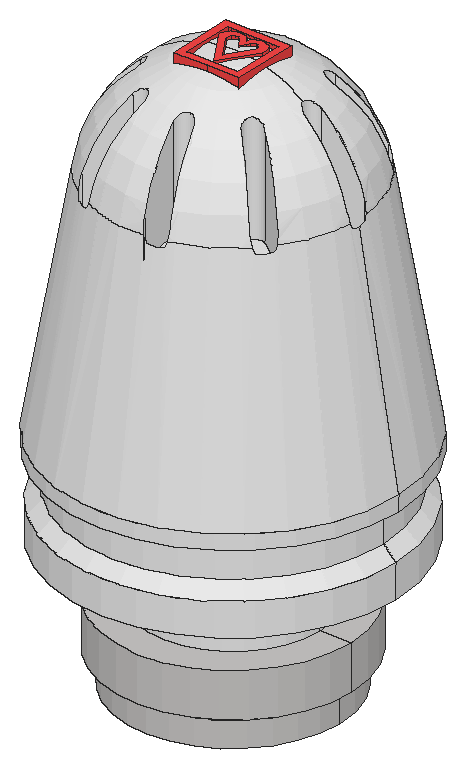
Revit family "Термостатическая головка HERZ-Design-MINI GS, с присоединительной резьбой М 28х1.5, 9200 03", category Rohrzubehör, Revit 2020
Family settings
  Bemaßung runder Anschluss = Durchmesser verwenden
  Teiletyp = Normal
  OmniClass-Nummer = 23.65.55.14
  OmniClass-Titel = Valves for Liquid Services
  Arbeitsebenenbasiert = Nein
  Immer vertikal = Nein
  Beim Laden mit Abzugskörper schneiden = Nein
  Gemeinsam genutzt = Nein
Parameters
  Принцип действия = "HERZ-термостатическая головка является датчиком прямого регулирования.\r\nИзменение объема жидкости в HERZ-гидросенсоре приводит в движение шток клапана."
  Область применения = "Для монтажа на всех HERZ-клапанах, предназначенных для термостатической работы."
  Номер заказа = 1920003  # constant formula
  Морозозащита = 6 °C  # constant formula
  Маховик = "Пластик, белый"  # constant formula
  Диапазон регулирования с морозозащитой = "6-30°C"  # constant formula
  Диапазон регулирования = "0-30°C"  # constant formula
  Vorgabe-Ansicht = 0 mm
  URL = "www.herz-armaturen.ru"
  S02 = 60 mm  # constant formula
  S01 = 73 mm  # constant formula
  Позиция теплового запирания "0" = "Термостатическая головка с жидкостным датчиком (гидросенсором) с позициями теплового запираниия \"0\" и морозозащиты, с ограничением и блокировкой диапазона регулирования."
  Hersteller = "HERZ Armaturen Ges.m.b.H."  # constant formula
  Позиция морозозащиты * = "Термостатическая головка с жидкостным датчиком (гидросенсором) с позицией морозозащиты и ограничением, блокировкой диапазона регулирования."
Reference planes
  plane 1 "Mitte (Vorne/hinten)": y = 0
  plane 2: z = 0
  plane 3 "Mitte (Links/rechts)": x = 0
Forms (mm)
  Revolve 1, solid, material "Kunststoff weiß", detail levels fine
    sketch origin (0, 0, 0) x (1, 0, 0) y (0, 0, 1)
      loop
        line (0, 0) -> (0, 73)
        arc (0, 73) -> (-11.397, 68.78) -> (-17.297, 58.156) r 17.5
        arc (-17.297, 58.156) -> (-20.011, 42.065) -> (-22.88, 26) r 1681.293
        line (-22.88, 26) -> (-22.88, 24) -> (-20.75, 24) -> (-20.75, 19.25) -> (-22.5, 17.5) -> (-22.5, 13) -> (-12.8, 13)
        arc (-12.8, 13) -> (-12.234, 12.766) -> (-12, 12.2) r 0.8
        line (-12, 12.2) -> (-12, 4.8) -> (-13.2, 4.8) -> (-13.2, 0) -> (0, 0)
      axis (0, 73) -> (0, 0)
    angle from 0 to 360
  Revolve 2, solid, material "Messing verzinkt", detail levels fine
    sketch origin (0, 0, 0) x (1, 0, 0) y (0, 0, 1)
      loop
        line (0, 0) -> (0, 5.5) -> (-16.35, 5.5) -> (-16.35, -0.576) -> (-14.75, -1.5) -> (-14.75, -5) -> (-13.35, -5) -> (-13.35, 0) -> (0, 0)
      axis (0, 5.5) -> (0, -5)
    angle from 0 to 360
  Extrusion 3, void
    sketch origin (0, 0, 0) x (1, 0, 0) y (0, 1, 0)
      loop
        arc (11.027, 1.298) -> (9.8, 0) -> (11.027, -1.298) r 1.3
        line (11.027, -1.298) -> (16.77, -1.62)
        arc (16.77, -1.62) -> (17.178, -1.485) -> (17.384, -1.107) r 0.586
        arc (17.384, -1.107) -> (17.453, 0.011) -> (17.382, 1.129) r 9
        arc (17.382, 1.129) -> (17.183, 1.492) -> (16.79, 1.621) r 0.564
        line (16.79, 1.621) -> (11.027, 1.298)
      loop
        line (9.282, 6.094) -> (13.904, 9.55)
        arc (13.904, 9.55) -> (14.121, 9.902) -> (14.04, 10.308) r 0.564
        arc (14.04, 10.308) -> (13.376, 11.21) -> (12.605, 12.023) r 9
        arc (12.605, 12.023) -> (12.205, 12.18) -> (11.805, 12.021) r 0.586
        line (11.805, 12.021) -> (7.613, 8.082)
        arc (7.613, 8.082) -> (7.507, 6.299) -> (9.282, 6.094) r 1.3
      loop
        arc (0.637, 11.085) -> (1.702, 9.651) -> (3.193, 10.634) r 1.3
        line (3.193, 10.634) -> (4.508, 16.234)
        arc (4.508, 16.234) -> (4.445, 16.659) -> (4.109, 16.928) r 0.586
        arc (4.109, 16.928) -> (3.02, 17.189) -> (1.907, 17.313) r 9
        arc (1.907, 17.313) -> (1.515, 17.181) -> (1.319, 16.816) r 0.564
        line (1.319, 16.816) -> (0.637, 11.085)
      loop
        line (-4.39, 10.199) -> (-6.991, 15.351)
        arc (-6.991, 15.351) -> (-7.3, 15.626) -> (-7.713, 15.617) r 0.564
        arc (-7.713, 15.617) -> (-8.717, 15.12) -> (-9.651, 14.501) r 9
        arc (-9.651, 14.501) -> (-9.875, 14.134) -> (-9.788, 13.713) r 0.586
        line (-9.788, 13.713) -> (-6.638, 8.901)
        arc (-6.638, 8.901) -> (-4.9, 8.487) -> (-4.39, 10.199) r 1.3
      loop
        arc (-10.806, 2.552) -> (-9.209, 3.352) -> (-9.918, 4.991) r 1.3
        line (-9.918, 4.991) -> (-15.204, 7.258)
        arc (-15.204, 7.258) -> (-15.634, 7.271) -> (-15.957, 6.986) r 0.586
        arc (-15.957, 6.986) -> (-16.404, 5.959) -> (-16.719, 4.884) r 9
        arc (-16.719, 4.884) -> (-16.657, 4.475) -> (-16.332, 4.219) r 0.564
        line (-16.332, 4.219) -> (-10.806, 2.552)
      loop
        line (-10.806, -2.552) -> (-16.332, -4.219)
        arc (-16.332, -4.219) -> (-16.657, -4.475) -> (-16.719, -4.884) r 0.564
        arc (-16.719, -4.884) -> (-16.404, -5.959) -> (-15.957, -6.986) r 9
        arc (-15.957, -6.986) -> (-15.634, -7.271) -> (-15.204, -7.258) r 0.586
        line (-15.204, -7.258) -> (-9.918, -4.991)
        arc (-9.918, -4.991) -> (-9.209, -3.352) -> (-10.806, -2.552) r 1.3
      loop
        arc (9.282, -6.094) -> (7.507, -6.299) -> (7.613, -8.082) r 1.3
        line (7.613, -8.082) -> (11.805, -12.021)
        arc (11.805, -12.021) -> (12.205, -12.18) -> (12.605, -12.023) r 0.586
        arc (12.605, -12.023) -> (13.376, -11.21) -> (14.04, -10.308) r 9
        arc (14.04, -10.308) -> (14.121, -9.902) -> (13.904, -9.55) r 0.564
        line (13.904, -9.55) -> (9.282, -6.094)
      loop
        line (0.637, -11.085) -> (1.319, -16.816)
        arc (1.319, -16.816) -> (1.515, -17.181) -> (1.907, -17.313) r 0.564
        arc (1.907, -17.313) -> (3.02, -17.189) -> (4.109, -16.928) r 9
        arc (4.109, -16.928) -> (4.445, -16.659) -> (4.508, -16.234) r 0.586
        line (4.508, -16.234) -> (3.193, -10.634)
        arc (3.193, -10.634) -> (1.702, -9.651) -> (0.637, -11.085) r 1.3
      loop
        arc (-4.39, -10.199) -> (-4.9, -8.487) -> (-6.638, -8.901) r 1.3
        line (-6.638, -8.901) -> (-9.788, -13.713)
        arc (-9.788, -13.713) -> (-9.875, -14.134) -> (-9.651, -14.501) r 0.586
        arc (-9.651, -14.501) -> (-8.717, -15.12) -> (-7.713, -15.617) r 9
        arc (-7.713, -15.617) -> (-7.3, -15.626) -> (-6.991, -15.351) r 0.564
        line (-6.991, -15.351) -> (-4.39, -10.199)
    from 55 to 73
Cuts and joins
  Extrusion 3 cuts Revolve 1
Lines and regions (mm)
  model lines, detail levels coarse+medium
    curve 1: line (0, 0, 0) -> (0, 0, 13)
    curve 2: line (0, -0.017, 0) -> (0, 13, 0)
    curve 3: circle (0, 0, 43) r 30 normal (0, -1, 0)
    curve 4: circle (0, 0, 43) r 30 normal (1, 0, 0)
    curve 5: line (0, 0, 23) -> (0, 0, 63)
    curve 6: line (0, -17.5, 63) -> (0, 17.5, 63)
    curve 7: line (0, 0, 23) -> (0, 0, 63)
    curve 8: line (-17.5, 0, 63) -> (17.5, 0, 63)
    curve 9: circle (0, 43, 0) r 30 normal (0, 0, 1)
    curve 10: line (0, 23, 0) -> (0, 63, 0)
    curve 11: line (-17.5, 63, 0) -> (17.5, 63, 0)
Dimensions and locks
  "S01": curve 4 to plane 2
  "S01": curve 3 to plane 2
  "S01": plane 1 "Mitte (Vorne/hinten)" to curve 9
  "S02": diameter of curve 3
  "S02": diameter of curve 4
  "S02": diameter of curve 9
  aligned and locked: level to plane 2
Automatic sketch dimensions
  Revolve 1 sketch curve to level = 0 mm
  Revolve 1 sketch curve to plane 3 "Mitte (Links/rechts)" = 0 mm  (x2)
  Revolve 1 sketch curve to plane 3 "Mitte (Links/rechts)" = 12 mm
  Revolve 1 sketch curve to Revolve 1 sketch curve = 0.8 mm
  Revolve 1 sketch curve to Revolve 1 sketch curve = 1.2 mm
  Revolve 1 sketch curve to Revolve 1 sketch curve = 7.95 mm
  Revolve 1 sketch curve to Revolve 1 sketch curve = 1.75 mm  (x2)
  Revolve 1 sketch curve to Revolve 1 sketch curve = 2.13 mm
  level to Revolve 1 sketch curve = 329.658 mm
  Revolve 1 sketch curve to plane 3 "Mitte (Links/rechts)" = 1676.524 mm
  level to Revolve 1 sketch curve = 4.8 mm
  Revolve 1 sketch curve to Revolve 1 sketch curve = 7.4 mm
  Revolve 1 sketch curve to Revolve 1 sketch curve = 4.5 mm
  Revolve 1 sketch curve to Revolve 1 sketch curve = 4.75 mm
  Revolve 1 sketch curve to Revolve 1 sketch curve = 2 mm
  Revolve 1 sketch curve to Revolve 1 sketch curve = 29.5 mm
  Revolve 1 sketch curve to Revolve 1 sketch curve = 17.5 mm
  Revolve 1 sketch curve to level = 366.045 mm
  Revolve 1 sketch curve to Revolve 1 sketch curve = 2141.315 mm
  Revolve 2 sketch curve to level = 0 mm
  Revolve 2 sketch curve to plane 3 "Mitte (Links/rechts)" = 0 mm  (x2)
  Revolve 2 sketch curve to level = 5 mm
  Revolve 2 sketch curve to plane 3 "Mitte (Links/rechts)" = 13.35 mm
  Revolve 2 sketch curve to Revolve 2 sketch curve = 1.4 mm
  Revolve 2 sketch curve to level = 0.576 mm
  Revolve 2 sketch curve to Revolve 2 sketch curve = 1.6 mm
  Revolve 2 sketch curve to level = 1.5 mm
  level to Revolve 2 sketch curve = 5.5 mm
  Revolve 2 sketch curve to Revolve 2 sketch curve = 361.045 mm
  Revolve 2 sketch curve to Revolve 2 sketch curve = 2208.815 mm
  plane 1 "Mitte (Vorne/hinten)" to Extrusion 3 sketch curve = 0 mm  (x2)
  Extrusion 3 sketch curve to plane 1 "Mitte (Vorne/hinten)" = 4.219 mm
  Extrusion 3 sketch curve to plane 3 "Mitte (Links/rechts)" = 16.332 mm
  plane 1 "Mitte (Vorne/hinten)" to Extrusion 3 sketch curve = 4.219 mm
  Extrusion 3 sketch curve to Extrusion 3 sketch curve = 0 mm  (x11)
  Extrusion 3 sketch curve to Extrusion 3 sketch curve = 0.163 mm  (x2)
  Extrusion 3 sketch curve to Extrusion 3 sketch curve = 0.734 mm  (x2)
  plane 1 "Mitte (Vorne/hinten)" to Extrusion 3 sketch curve = 7.258 mm
  Extrusion 3 sketch curve to Extrusion 3 sketch curve = 0.231 mm  (x2)
  Extrusion 3 sketch curve to plane 1 "Mitte (Vorne/hinten)" = 7.258 mm
  plane 1 "Mitte (Vorne/hinten)" to Extrusion 3 sketch curve = 2.552 mm
  Extrusion 3 sketch curve to Extrusion 3 sketch curve = 5.526 mm
  Extrusion 3 sketch curve to plane 1 "Mitte (Vorne/hinten)" = 2.552 mm
  Extrusion 3 sketch curve to Extrusion 3 sketch curve = 0.375 mm  (x2)
  Extrusion 3 sketch curve to Extrusion 3 sketch curve = 0.512 mm  (x2)
  Extrusion 3 sketch curve to Extrusion 3 sketch curve = 5.416 mm  (x2)
  Extrusion 3 sketch curve to Extrusion 3 sketch curve = 0.49 mm  (x2)
  Extrusion 3 sketch curve to Extrusion 3 sketch curve = 2.488 mm  (x2)
  Extrusion 3 sketch curve to Extrusion 3 sketch curve = 1.803 mm  (x2)
  Extrusion 3 sketch curve to Extrusion 3 sketch curve = 0.504 mm  (x2)
  Extrusion 3 sketch curve to Extrusion 3 sketch curve = 3.281 mm  (x2)
  Extrusion 3 sketch curve to Extrusion 3 sketch curve = 1.088 mm  (x2)
  Extrusion 3 sketch curve to Extrusion 3 sketch curve = 1.16 mm  (x2)
  Extrusion 3 sketch curve to Extrusion 3 sketch curve = 1.324 mm  (x2)
  plane 3 "Mitte (Links/rechts)" to Extrusion 3 sketch curve = 0.637 mm  (x2)
  plane 3 "Mitte (Links/rechts)" to Extrusion 3 sketch curve = 1.319 mm  (x2)
  plane 3 "Mitte (Links/rechts)" to Extrusion 3 sketch curve = 1.468 mm  (x2)
  Extrusion 3 sketch curve to Extrusion 3 sketch curve = 0.561 mm  (x2)
  Extrusion 3 sketch curve to Extrusion 3 sketch curve = 1.291 mm  (x2)
  Extrusion 3 sketch curve to Extrusion 3 sketch curve = 1.266 mm  (x2)
  Extrusion 3 sketch curve to Extrusion 3 sketch curve = 2.058 mm  (x2)
  Extrusion 3 sketch curve to Extrusion 3 sketch curve = 0.57 mm  (x2)
  Extrusion 3 sketch curve to Extrusion 3 sketch curve = 5.007 mm  (x2)
  Extrusion 3 sketch curve to Extrusion 3 sketch curve = 1.138 mm  (x2)
  Extrusion 3 sketch curve to Extrusion 3 sketch curve = 1.978 mm
  Extrusion 3 sketch curve to Extrusion 3 sketch curve = 0.89 mm  (x2)
  Extrusion 3 sketch curve to Extrusion 3 sketch curve = 0.779 mm  (x2)
  plane 1 "Mitte (Vorne/hinten)" to Extrusion 3 sketch curve = 1.298 mm
  Extrusion 3 sketch curve to Extrusion 3 sketch curve = 2.575 mm
  Extrusion 3 sketch curve to Extrusion 3 sketch curve = 0.073 mm
  Extrusion 3 sketch curve to Extrusion 3 sketch curve = 4.192 mm  (x2)
  Extrusion 3 sketch curve to Extrusion 3 sketch curve = 0.401 mm  (x2)
  Extrusion 3 sketch curve to Extrusion 3 sketch curve = 1.36 mm  (x2)
  Extrusion 3 sketch curve to Extrusion 3 sketch curve = 0.338 mm  (x2)
  plane 1 "Mitte (Vorne/hinten)" to Extrusion 3 sketch curve = 1.62 mm
  Extrusion 3 sketch curve to Extrusion 3 sketch curve = 5.743 mm
  Extrusion 3 sketch curve to plane 1 "Mitte (Vorne/hinten)" = 1.621 mm
  Extrusion 3 sketch curve to Extrusion 3 sketch curve = 0.02 mm
  Extrusion 3 sketch curve to Extrusion 3 sketch curve = 0.033 mm
  Extrusion 3 sketch curve to Extrusion 3 sketch curve = 0.032 mm
  plane 1 "Mitte (Vorne/hinten)" to Extrusion 3 sketch curve = 7.32 mm
  Extrusion 3 sketch curve to Extrusion 3 sketch curve = 6.784 mm
  Extrusion 3 sketch curve to Extrusion 3 sketch curve = 1.004 mm
  Extrusion 3 sketch curve to Extrusion 3 sketch curve = 1.581 mm  (x2)
  Extrusion 3 sketch curve to Extrusion 3 sketch curve = 1.468 mm
  Extrusion 3 sketch curve to Extrusion 3 sketch curve = 0.712 mm  (x2)
  Extrusion 3 sketch curve to Extrusion 3 sketch curve = 0.452 mm  (x2)
  Extrusion 3 sketch curve to Extrusion 3 sketch curve = 2.31 mm  (x2)
  Extrusion 3 sketch curve to Extrusion 3 sketch curve = 0.297 mm  (x2)
  Extrusion 3 sketch curve to Extrusion 3 sketch curve = 1.591 mm  (x2)
  Extrusion 3 sketch curve to Extrusion 3 sketch curve = 0.427 mm  (x2)
  Extrusion 3 sketch curve to Extrusion 3 sketch curve = 4.812 mm  (x2)
  Extrusion 3 sketch curve to Extrusion 3 sketch curve = 0.321 mm  (x2)
  Extrusion 3 sketch curve to Extrusion 3 sketch curve = 1.063 mm  (x2)
  Extrusion 3 sketch curve to Extrusion 3 sketch curve = 0.254 mm  (x2)
  Extrusion 3 sketch curve to Extrusion 3 sketch curve = 5.599 mm  (x2)
  Extrusion 3 sketch curve to Extrusion 3 sketch curve = 0.134 mm  (x2)
  Extrusion 3 sketch curve to Extrusion 3 sketch curve = 0.382 mm  (x2)
  Extrusion 3 sketch curve to Extrusion 3 sketch curve = 0.067 mm  (x2)
  Extrusion 3 sketch curve to Extrusion 3 sketch curve = 0.947 mm
  Extrusion 3 sketch curve to Extrusion 3 sketch curve = 0.539 mm  (x2)
  Extrusion 3 sketch curve to Extrusion 3 sketch curve = 1.702 mm
  Extrusion 3 sketch curve to Extrusion 3 sketch curve = 2.439 mm
  Extrusion 3 sketch curve to Extrusion 3 sketch curve = 0.54 mm  (x2)
  Extrusion 3 sketch curve to Extrusion 3 sketch curve = 0.905 mm
  Extrusion 3 sketch curve to Extrusion 3 sketch curve = 0.585 mm
  Extrusion 3 sketch curve to Extrusion 3 sketch curve = 0.564 mm
  Extrusion 3 sketch curve to Extrusion 3 sketch curve = 0.339 mm
  Extrusion 3 sketch curve to Extrusion 3 sketch curve = 1.245 mm
  Extrusion 3 sketch curve to plane 1 "Mitte (Vorne/hinten)" = 5.433 mm
  Extrusion 3 sketch curve to Extrusion 3 sketch curve = 0.661 mm
  Extrusion 3 sketch curve to Extrusion 3 sketch curve = 1.041 mm
  Extrusion 3 sketch curve to Extrusion 3 sketch curve = 4.429 mm
  Extrusion 3 sketch curve to Extrusion 3 sketch curve = 2.891 mm
  Extrusion 3 sketch curve to Extrusion 3 sketch curve = 3.456 mm
  Extrusion 3 sketch curve to plane 1 "Mitte (Vorne/hinten)" = 1.298 mm  (x2)
  curve 5 to plane 1 "Mitte (Vorne/hinten)" = 0 mm
  curve 4 to plane 1 "Mitte (Vorne/hinten)" = 0 mm
  plane 1 "Mitte (Vorne/hinten)" to curve 6 = 17.5 mm
  curve 5 to curve 6 = 17.5 mm
  curve 5 to curve 4 = 20 mm
  curve 4 to curve 6 = 20 mm
  curve 3 to plane 3 "Mitte (Links/rechts)" = 0 mm
  curve 7 to plane 3 "Mitte (Links/rechts)" = 0 mm
  curve 1 to plane 3 "Mitte (Links/rechts)" = 0 mm
  curve 1 to level = 0 mm
  curve 8 to curve 7 = 17.5 mm
  plane 3 "Mitte (Links/rechts)" to curve 8 = 17.5 mm
  curve 1 to curve 7 = 10 mm
  curve 3 to curve 8 = 20 mm
  curve 9 to plane 3 "Mitte (Links/rechts)" = 0 mm
  curve 10 to plane 3 "Mitte (Links/rechts)" = 0 mm
  curve 2 to plane 3 "Mitte (Links/rechts)" = 0 mm
  curve 11 to curve 10 = 17.5 mm
  plane 3 "Mitte (Links/rechts)" to curve 11 = 17.5 mm
  plane 1 "Mitte (Vorne/hinten)" to curve 2 = 0.017 mm
  curve 2 to curve 10 = 10 mm
  curve 9 to curve 11 = 20 mm
Nested families
  nested 1: "Herz-Logo" at (0, 0, 71.5), type "Herz-Logo", detail levels fine
Definition of nested family "Herz-Logo"
  Parameters (values of type "Herz-Logo")
    Default Elevation = 0 mm
  Reference planes
    plane 1 "Mitte (Vorne/hinten)": y = 0
    plane 2: z = 0
    plane 3 "Mitte (Links/rechts)": x = 0
  Forms (mm)
    Extrusion 1, solid
      sketch origin (0, 0, 0) x (1, 0, 0) y (0, 1, 0)
        loop
          line (-0.018, -4.517) -> (4.482, -4.517) -> (4.482, 4.483) -> (-4.518, 4.483) -> (-4.518, -4.517) -> (-0.018, -4.517)
        loop
          line (-0.05, -3.48) -> (3.482, -3.48) -> (3.482, 3.483) -> (-3.518, 3.483) -> (-3.518, -3.48) -> (-0.05, -3.48)
        loop
          arc (-0.018, 2.383) -> (-1.543, 3.287) -> (-3.067, 2.383) r 1.738
          arc (-3.067, 2.383) -> (-3.191, 1.899) -> (-3.067, 1.415) r 1.009
          line (-3.067, 1.415) -> (-0.018, -3.281) -> (3.032, 1.415)
          arc (3.032, 1.415) -> (3.156, 1.899) -> (3.032, 2.383) r 1.009
          arc (3.032, 2.383) -> (1.507, 3.287) -> (-0.018, 2.383) r 1.738
        loop
          arc (1.885, 1.272) -> (2.005, 1.675) -> (1.885, 2.079) r 0.74
          arc (1.885, 2.079) -> (1.265, 2.416) -> (0.644, 2.079) r 0.74
          line (0.644, 2.079) -> (-0.018, 0.97) -> (-0.679, 2.079)
          arc (-0.679, 2.079) -> (-1.3, 2.416) -> (-1.921, 2.079) r 0.74
          arc (-1.921, 2.079) -> (-2.04, 1.675) -> (-1.921, 1.272) r 0.74
          line (-1.921, 1.272) -> (-0.018, -1.658) -> (1.885, 1.272)
      from 0 to 1.5
  Dimensions and locks
    aligned and locked: level to plane 2
